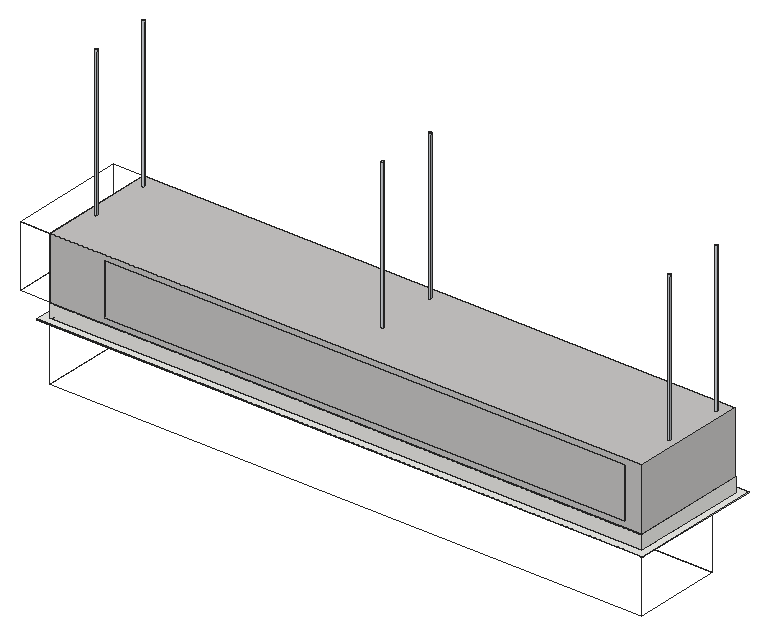
Revit family "AIRTECNICS_AIR CURTAIN_RECESSED OPTIMA_AIR ONLY (A)", category Mechanical Equipment, Revit 2016
Family settings
  Part Type = Normal
  Round Connector Dimension = Use Diameter
  OmniClass Number = 23.75.70.21.17
  OmniClass Title = Air Curtains
  Work Plane-Based = No
  Always vertical = Yes
  Cut with Voids When Loaded = No
  Shared = No
  Room Calculation Point = No
Parameters (values of type "RO 2000 A")
  · POSITION · [instance] = "-/ Select Curtain Position /-"  # constant formula
  · OTHERS · [instance] = "-/ Select Supports - Inst.Maint. Space /-"  # constant formula
  · HEATING · [instance] = "-/ Select Heating /-"  # constant formula
  Weight [instance] = size_lookup(Name_Lookup_Data, "Weight", 1.00 kg, COD)  # 44.50 kg
  Wall Supports (Horizontal) [instance] = no
  Voltage [instance] = 230 V  # constant formula
  URL_Manufacturer = "https://www.airtecnics.com/"
  URL_Datasheet = "https://www.airtecnics.com/download/file/1945/recessed-optima.pdf"
  Supports Length [instance] = 500.0 mm
  Supports (Horizontal) [instance] = yes
  Revit Version = "Revit 2016 - English"  # constant formula
  Review Date = "11/2018"  # constant formula
  Remote Control = "IR-AIR"  # constant formula
  URL = "https://www.airtecnics.com/products/air-curtain-recessed-optima"
  Product Size = if(L = 1000.0 mm, "1000", if(L = 1500.0 mm, "1500", "2000"))  # "2000"
  Product Reference [instance] = size_lookup(Name_Lookup_Ref, "", "Consult Manufacturer", COD)  # "RO 2000 A"
  Product Heating [instance] = "Air"  # constant formula
  Product Description [instance] = size_lookup(Name_Lookup_Data, "", "-", COD)  # "Self-supporting casing construction made of galvanized steel plate, ready to be installed recessed in a false ceiling. \r\nInlet grille (free of maintenance) made with aluminium profiles and blow-out nozzle, integrated in a single white frame colour RAL 9016. Other colours are available on request. \r\nAnodized aluminium outlet vanes, airfoil shaped.\r\nLow noise twisted cross-flow fans driven by a 2-speed external rotor motor.\r\n“A” type without heating, air only. \r\nIncludes Plug&Play control with 7m RJ45 cable and infrared remote control. Optional: Clever control (programmable, automatic, intelligent, energy saving, Modbus RTU for BMS…)\r\nAir Volume: 3200 m3/h \r\nFans:  0,16 kW  0,82 A 230Vx1 50Hz\r\nDimensions: 446x259x2050 mm (depth, height, length)"
  Power Fans Factor [instance] = (Power Fans) / (Voltage * Current Fans)  # 0.84836
  Power Fans [instance] = size_lookup(Name_Lookup_Data, "Power Fans", 1 kW, COD)  # 0.16 kW
  Noise Level (dB(A)) [instance] = size_lookup(Name_Lookup_Data, "Noise Level (dB(A))", 1, COD)  # 53
  Name_Lookup_Ref = "RO_(A)_Ref_Lookup"  # constant formula
  Name_Lookup_Data = "RO_(A)_Data_Lookup"  # constant formula
  Model = "Air Curtain RECESSED OPTIMA A"  # constant formula
  Material Grille = AIRTECNICS_Perforated_Recessed Optima_Galvanized Steel
  Material Curtain [instance] = AIRTECNICS_White RAL 9016
  Length = L + 50.0 mm + Depth - Depth  # 2050.0 mm
  Height = 259.0 mm  # constant formula
  Frequency = 50 Hz  # constant formula
  Fans Stage = 2  # constant formula
  Family Version = "1.0"  # constant formula
  Depth = 445.0 mm  # constant formula
  Current Fans [instance] = size_lookup(Name_Lookup_Data, "Current Fans", 1 A, COD)  # 0.82 A
  Created by = "BIMETRICAL"  # constant formula
  Control [instance] = "CA-2AO-IR"  # constant formula
  Cable = "CB7"  # constant formula
  COD [instance] = if(L = 1000.0 mm, 1, 0) + if(L = 1500.0 mm, 2, 0) + if(L = 2000.0 mm, 4, 0)  # 4
  Aspiration/Maintenance Space [instance] = yes
  Apparent Load [instance] = size_lookup(Name_Lookup_Data, "Apparent Load", 1 VA, COD)  # 188 VA
  Airflow [instance] = size_lookup(Name_Lookup_Data, "Airflow", 1 m³/h, COD)  # 3200 m³/h
  L = 2000.0 mm
  Type Image = <None>
  IfcExportType = "CENTRIFUGALFORWARDCURVED"  # constant formula
  IfcExportAs = "IfcFanType"  # constant formula
  Horizontal [instance] = 1 = 1  # yes
  Manufacturer = "AIRTECNICS"  # constant formula
  Description = ""
  Type Comments = "Self-supporting casing construction made of galvanized steel plate, ready to be installed recessed in a false ceiling. \r\nInlet grille (free of maintenance) made with aluminium profiles and blow-out nozzle, integrated in a single white frame colour RAL 9016. Other colours are available on request. \r\nAnodized aluminium outlet vanes, airfoil shaped.\r\nLow noise twisted cross-flow fans driven by a 2-speed external rotor motor.\r\n“P” type with water heated coil. “E” type with electrical shielded elements, two stages with integrated regulation. “A” type without heating, air only. \r\nIncludes Plug&Play control with 7m RJ45 cable and infrared remote control. Optional: Clever control (programmable, automatic, intelligent, energy saving, Modbus RTU for BMS…)\r\n"  # constant formula
  BIMETRICAL Category = "Fan"  # constant formula
  BIMETRICAL = "http://www.bimetrical.com"  # constant formula
  A [instance] = 1 = 1  # yes
Types (3, lengths in mm): name | Weight | Product Size | Product Reference | Product Description | Power Fans Factor | Power Fans | Noise Level (dB(A)) | Length | Current Fans | COD | Apparent Load | Airflow | L
  RO 2000 A | 44.50 kg | "2000" | "RO 2000 A" | "Self-supporting casing construction made of galvanized steel plate, ready to be installed recessed in a false ceiling. \r\nInlet grille (free of maintenance) made with aluminium profiles and blow-out nozzle, integrated in a single white frame colour RAL 9016. Other colours are available on request. \r\nAnodized aluminium outlet vanes, airfoil shaped.\r\nLow noise twisted cross-flow fans driven by a 2-speed external rotor motor.\r\n“A” type without heating, air only. \r\nIncludes Plug&Play control with 7m RJ45 cable and infrared remote control. Optional: Clever control (programmable, automatic, intelligent, energy saving, Modbus RTU for BMS…)\r\nAir Volume: 3200 m3/h \r\nFans:  0,16 kW  0,82 A 230Vx1 50Hz\r\nDimensions: 446x259x2050 mm (depth, height, length)" | 0.84836 | 0.16 kW | 53 | 2050.0 | 0.82 A | 4 | 188 VA | 3200 m³/h | 2000.0
  RO 1500 A | 34.00 kg | "1500" | "RO 1500 A" | "Self-supporting casing construction made of galvanized steel plate, ready to be installed recessed in a false ceiling. \r\nInlet grille (free of maintenance) made with aluminium profiles and blow-out nozzle, integrated in a single white frame colour RAL 9016. Other colours are available on request. \r\nAnodized aluminium outlet vanes, airfoil shaped.\r\nLow noise twisted cross-flow fans driven by a 2-speed external rotor motor.\r\n“A” type without heating, air only. \r\nIncludes Plug&Play control with 7m RJ45 cable and infrared remote control. Optional: Clever control (programmable, automatic, intelligent, energy saving, Modbus RTU for BMS…)\r\nAir Volume: 2200 m3/h \r\nFans:  0,117 kW  0,53 A 230Vx1 50Hz\r\nDimensions: 446x259x1550 mm (depth, height, length)" | 0.9598 | 0.117 kW | 51 | 1550.0 | 0.53 A | 2 | 122 VA | 2200 m³/h | 1500.0
  RO 1000 A | 24.00 kg | "1000" | "RO 1000 A" | "Self-supporting casing construction made of galvanized steel plate, ready to be installed recessed in a false ceiling. \r\nInlet grille (free of maintenance) made with aluminium profiles and blow-out nozzle, integrated in a single white frame colour RAL 9016. Other colours are available on request. \r\nAnodized aluminium outlet vanes, airfoil shaped.\r\nLow noise twisted cross-flow fans driven by a 2-speed external rotor motor.\r\n“A” type without heating, air only. \r\nIncludes Plug&Play control with 7m RJ45 cable and infrared remote control. Optional: Clever control (programmable, automatic, intelligent, energy saving, Modbus RTU for BMS…)\r\nAir Volume: 1700 m3/h \r\nFans:  0,08 kW  0,41 A 230Vx1 50Hz\r\nDimensions: 446x259x1050 mm (depth, height, length)" | 0.84836 | 0.08 kW | 50 | 1050.0 | 0.41 A | 1 | 95 VA | 1700 m³/h | 1000.0
Reference planes
  plane 1 "Centro (Frontal/Posterior)": z = 0
  plane 2: y = 246.57
  plane 3 "Centro (Izquierda/Derecha)": x = 0
Dimensions and locks
  equal spacing: nested 1, plane 2, nested 1
Nested families
  nested 1: "GEOM_RECESSED OPTIMA_(A-E-P)" at (0, 246.57, -2), type "GEOM_RECESSED OPTIMA_(A-E-P)"
    with AMP no, VSUP2 yes, Number of Blades 9, L1 2050.0 mm, L 2000.0 mm, E no, C 238.88 mm, A1 1938.0 mm, A-P yes, A 197.8 mm
Connectors
  electrical at (-1000, 130.94, 115.65), driven by "Voltage", driven by "Apparent Load", driven by "Power Fans Factor"
    settings: on nested 1, index 1, voltage 230 V, apparent load 188 VA, apparent load phase1 0 VA, apparent load phase2 0 VA, apparent load phase3 0 VA, power factor 0.84836, load classification "HVAC", number of poles 1, system type 30, power factor state 1, is connector primary yes, connector utility no, sub classification motor no, connector description ""
Definition of nested family "GEOM_RECESSED OPTIMA_(A-E-P)"
  Parameters (values of type "GEOM_RECESSED OPTIMA_(A-E-P)")
    Wall Supports (Horizontal) = no
    VSUP2 = if(and(Supports Length > 0.0 mm, L = 2000.0 mm, [Supports (Horizontal)]), 1 = 1, 1 = 0)  # no
    VSUP1 = if(and(Supports Length > 0.0 mm, [Supports (Horizontal)]), 1 = 1, 1 = 0)  # yes
    Supports Length = 500.0 mm
    Supports (Horizontal) = yes
    Revit Version = "Revit 2016 - English"  # constant formula
    Review Date = "10/2018"  # constant formula
    P2 = not(P1)  # no
    P1 = yes
    P = no
    Number of Blades = if(L = 1000.0 mm, 5, if(L = 1500.0 mm, 7, 9))  # 5
    Model = "RECESSED OPTIMA"  # constant formula
    Material Grille = none
    Material Curtain = none
    Manufacturer = "AIRTECNICS"  # constant formula
    L_sup = if(Supports Length = 0.0 mm, 1.0 mm, Supports Length)  # 500.0 mm
    L2 = if(P1, 85.0 mm, L1 - (120.0 mm))  # 85.0 mm
    L1 = L + 50.0 mm  # 1050.0 mm
    L = 1000.0 mm
    Family Version = "1.0"  # constant formula
    E = yes
    D_Con = 15 mm
    Created by = "BIMETRICAL"  # constant formula
    C = if(L = 1000.0 mm, 227.75 mm, if(L = 1500.0 mm, 235.1 mm, 238.88 mm))  # 227.75 mm
    BIMETRICAL = "http://www.bimetrical.com/"  # constant formula
    B1 = if(and([Wall Supports (Horizontal)], not([Supports (Horizontal)]), L = 2000.0 mm), 30.0 mm, 1.0 mm)  # 1.0 mm
    B = if([Supports (Horizontal)], 1.0 mm, if(not([Wall Supports (Horizontal)]), 1.0 mm, 30.0 mm))  # 1.0 mm
    Aspiration/Maintenance Space = yes
    AMP [instance] = if(and([Aspiration/Maintenance Space], P), 1 = 1, 1 = 0)  # no
    A1 = L - 62.0 mm  # 938.0 mm
    A-P = not(E)  # no
    A = (L - 22.0 mm) / (Number of Blades + 1)  # 163.0 mm
  Reference planes
    plane 1 "Centro (Frontal/Posterior)": y = 0
    plane 2: z = 0
    plane 3 "Centro (Izquierda/Derecha)": x = 0
    plane 4: x = -500
    plane 5: y = 222.5
    plane 6: x = 500
    plane 7: y = -222.5
    plane 8: y = 198
    plane 9: y = -198
    plane 10: x = -525
    plane 11: x = 525
    plane 12: z = 259
    plane 13: z = 50
    plane 14: z = 2
    plane 15: x = -501
    plane 16: x = 501
    plane 17: x = -469
    plane 18: x = 469
    plane 19: y = 157
    plane 20: y = -43
    plane 21: y = -43
    plane 22: y = 157
    plane 23: z = 90
    plane 24: z = 220
    plane 25: x = -469
    plane 26: x = 469
    plane 27: z = 220
    plane 28: z = 90
    plane 29: x = -455.5
    plane 30: x = -227.75
    plane 31: x = -440
    plane 32: y = -11
    plane 33: x = -405
    plane 34: y = -47
  Forms (mm)
    Extrusion 1, solid
      sketch origin (-1376.546, -1524, 259) x (-1, 0, 0) y (0, -1, 0)
        loop
          line (-876.546, -1721.5) -> (-876.546, -1326.5) -> (-1876.546, -1326.5) -> (-1876.546, -1721.5) -> (-876.546, -1721.5)
      from 0 to -209
    Sweep 2, solid, material <- "Material Curtain"
      path origin (-1376.546, -1524, 259) x (-1, 0, 0) y (0, -1, 0)
        loop
          line (-851.546, -1746.5) -> (-851.546, -1301.5) -> (-1901.546, -1301.5) -> (-1901.546, -1746.5) -> (-851.546, -1746.5)
      profile origin (-525, 0, 259) x (-1, 0, 0) y (0, 0, 1)
        loop
          line (0, -259) -> (0, -257) -> (-24, -257) -> (-24, -209) -> (-25, -209) -> (-25, -259) -> (0, -259)
    Extrusion 3, solid, visible <- "VSUP1"
      sketch origin (-1376.546, -1524, 259) x (-1, 0, 0) y (0, -1, 0)
        loop
          circle (-907.546, -1681) r 4
        loop
          circle (-907.546, -1481) r 4
        loop
          circle (-1845.546, -1681) r 4
        loop
          circle (-1845.546, -1481) r 4
      from 0 to 500
    Extrusion 4, solid, visible <- "VSUP2"
      sketch origin (-1376.546, -1524, 259) x (-1, 0, 0) y (0, -1, 0)
        loop
          circle (-1376.546, -1481) r 4
        loop
          circle (-1376.546, -1681) r 4
      from 0 to 500
    Extrusion 5, void
      sketch origin (-1802.24, 198, 1200) x (-1, 0, 0) y (0, 0, 1)
        loop
          circle (-1333.24, -980) r 4
        loop
          circle (-1333.24, -1110) r 4
        loop
          circle (-2271.24, -980) r 4
        loop
          circle (-2271.24, -1110) r 4
      from 23.5 to 24.5
    Extrusion 6, void
      sketch origin (-1802.24, 198, 1200) x (-1, 0, 0) y (0, 0, 1)
        loop
          circle (-1802.24, -980) r 4
        loop
          circle (-1802.24, -1110) r 4
      from 23.5 to 24.5
    Extrusion 7, solid, material <- "Material Curtain"
      sketch origin (0, 0, 0) x (0, 1, 0) y (0, 0, 1)
        loop
          line (117.506, 0.003) -> (120.506, 0.003) -> (120.506, 25.003) -> (117.506, 25.003) -> (117.506, 0.003)
        loop
          line (131.506, 0.003) -> (134.506, 0.003) -> (134.506, 25.003) -> (131.506, 25.003) -> (131.506, 0.003)
        loop
          line (145.506, 0.003) -> (148.506, 0.003) -> (148.506, 25.003) -> (145.506, 25.003) -> (145.506, 0.003)
        loop
          line (159.506, 0.003) -> (162.506, 0.003) -> (162.506, 25.003) -> (159.506, 25.003) -> (159.506, 0.003)
        loop
          line (173.501, 0.003) -> (176.501, 0.003) -> (176.501, 45.003) -> (173.501, 45.003) -> (173.501, 15.939) -> (173.501, 0.003)
        loop
          line (187.501, 0.003) -> (190.501, 0.003) -> (190.501, 25.003) -> (187.501, 25.003) -> (187.501, 0.003)
      from -500 to 500
    Extrusion 8, solid, material <- "Material Curtain"
      sketch origin (0, 0, 0) x (0, 1, 0) y (0, 0, 1)
        loop
          line (87.6, 2.798) -> (103.505, 15.003) -> (103.505, 25.003) -> (102.205, 25.003) -> (102.205, 15.644) -> (87.203, 4.132)
          arc (87.203, 4.132) -> (83.435, 1.976) -> (79.158, 1.238) r 12.5
          arc (79.158, 1.238) -> (78.507, 0.539) -> (79.256, -0.054) r 0.65
          arc (79.256, -0.054) -> (83.662, 0.688) -> (87.6, 2.798) r 13.8
        loop
          line (63.1, 2.798) -> (79.005, 15.003) -> (79.005, 25.003) -> (77.705, 25.003) -> (77.705, 15.644) -> (62.703, 4.132)
          arc (62.703, 4.132) -> (58.935, 1.976) -> (54.658, 1.238) r 12.5
          arc (54.658, 1.238) -> (54.007, 0.539) -> (54.756, -0.054) r 0.65
          arc (54.756, -0.054) -> (59.162, 0.688) -> (63.1, 2.798) r 13.8
        loop
          line (38.6, 2.798) -> (54.505, 15.003) -> (54.505, 25.003) -> (53.205, 25.003) -> (53.205, 15.644) -> (38.203, 4.132)
          arc (38.203, 4.132) -> (34.435, 1.976) -> (30.158, 1.238) r 12.5
          arc (30.158, 1.238) -> (29.507, 0.539) -> (30.256, -0.054) r 0.65
          arc (30.256, -0.054) -> (34.662, 0.688) -> (38.6, 2.798) r 13.8
        loop
          line (14.1, 2.798) -> (30.005, 15.003) -> (30.005, 25.003) -> (28.705, 25.003) -> (28.705, 15.644) -> (13.703, 4.132)
          arc (13.703, 4.132) -> (9.935, 1.976) -> (5.658, 1.238) r 12.5
          arc (5.658, 1.238) -> (5.007, 0.539) -> (5.756, -0.054) r 0.65
          arc (5.756, -0.054) -> (10.162, 0.688) -> (14.1, 2.798) r 13.8
        loop
          line (-10.4, 2.798) -> (5.505, 15.003) -> (5.505, 25.003) -> (4.205, 25.003) -> (4.205, 15.644) -> (-10.797, 4.132)
          arc (-10.797, 4.132) -> (-14.565, 1.976) -> (-18.842, 1.238) r 12.5
          arc (-18.842, 1.238) -> (-19.493, 0.539) -> (-18.744, -0.054) r 0.65
          arc (-18.744, -0.054) -> (-14.338, 0.688) -> (-10.4, 2.798) r 13.8
        loop
          line (-34.9, 2.798) -> (-18.995, 15.003) -> (-18.995, 25.003) -> (-20.295, 25.003) -> (-20.295, 15.644) -> (-35.297, 4.132)
          arc (-35.297, 4.132) -> (-39.065, 1.976) -> (-43.342, 1.238) r 12.5
          arc (-43.342, 1.238) -> (-43.993, 0.539) -> (-43.244, -0.054) r 0.65
          arc (-43.244, -0.054) -> (-38.838, 0.688) -> (-34.9, 2.798) r 13.8
        loop
          line (-59.4, 2.798) -> (-43.495, 15.003) -> (-43.495, 25.003) -> (-44.795, 25.003) -> (-44.795, 15.644) -> (-59.797, 4.132)
          arc (-59.797, 4.132) -> (-63.565, 1.976) -> (-67.842, 1.238) r 12.5
          arc (-67.842, 1.238) -> (-68.493, 0.539) -> (-67.744, -0.054) r 0.65
          arc (-67.744, -0.054) -> (-63.338, 0.688) -> (-59.4, 2.798) r 13.8
        loop
          line (-83.9, 2.798) -> (-67.995, 15.003) -> (-67.995, 25.003) -> (-69.295, 25.003) -> (-69.295, 15.644) -> (-84.297, 4.132)
          arc (-84.297, 4.132) -> (-88.065, 1.976) -> (-92.342, 1.238) r 12.5
          arc (-92.342, 1.238) -> (-92.993, 0.539) -> (-92.244, -0.054) r 0.65
          arc (-92.244, -0.054) -> (-87.838, 0.688) -> (-83.9, 2.798) r 13.8
        loop
          line (-108.4, 2.798) -> (-92.495, 15.003) -> (-92.495, 25.003) -> (-93.795, 25.003) -> (-93.795, 15.644) -> (-108.797, 4.132)
          arc (-108.797, 4.132) -> (-112.565, 1.976) -> (-116.842, 1.238) r 12.5
          arc (-116.842, 1.238) -> (-117.493, 0.539) -> (-116.744, -0.054) r 0.65
          arc (-116.744, -0.054) -> (-112.338, 0.688) -> (-108.4, 2.798) r 13.8
        loop
          line (-132.9, 2.798) -> (-116.995, 15.003) -> (-116.995, 25.003) -> (-118.295, 25.003) -> (-118.295, 15.644) -> (-133.297, 4.132)
          arc (-133.297, 4.132) -> (-137.065, 1.976) -> (-141.342, 1.238) r 12.5
          arc (-141.342, 1.238) -> (-141.993, 0.539) -> (-141.244, -0.054) r 0.65
          arc (-141.244, -0.054) -> (-136.838, 0.688) -> (-132.9, 2.798) r 13.8
        loop
          line (-157.4, 2.798) -> (-141.495, 15.003) -> (-141.495, 25.003) -> (-142.795, 25.003) -> (-142.795, 15.644) -> (-157.797, 4.132)
          arc (-157.797, 4.132) -> (-161.565, 1.976) -> (-165.842, 1.238) r 12.5
          arc (-165.842, 1.238) -> (-166.493, 0.539) -> (-165.744, -0.054) r 0.65
          arc (-165.744, -0.054) -> (-161.338, 0.688) -> (-157.4, 2.798) r 13.8
        loop
          line (-181.9, 2.798) -> (-165.995, 15.003) -> (-165.995, 25.003) -> (-167.295, 25.003) -> (-167.295, 15.644) -> (-182.297, 4.132)
          arc (-182.297, 4.132) -> (-186.065, 1.976) -> (-190.342, 1.238) r 12.5
          arc (-190.342, 1.238) -> (-190.993, 0.539) -> (-190.244, -0.054) r 0.65
          arc (-190.244, -0.054) -> (-185.838, 0.688) -> (-181.9, 2.798) r 13.8
      from -500 to 500
    Extrusion 9, solid
      sketch origin (0, 0, 0) x (0, 1, 0) y (0, 0, 1)
        loop
          line (106.505, 50) -> (103.505, 50) -> (103.505, 0) -> (106.505, 0) -> (106.505, 50)
      from -500 to 500
    Extrusion 10, solid
      sketch origin (-4, 0, -5.538) x (1, 0, 0) y (0, 1, 0)
        loop
          line (-455.5, 196.005) -> (-455.5, 106.505) -> (-447.5, 106.505) -> (-447.5, 196.005) -> (-455.5, 196.005)
      from 20.94 to 28.94
    Extrusion 11, solid
      sketch origin (223.75, 0, -5.538) x (1, 0, 0) y (0, 1, 0)
        loop
          line (-455.5, 196.005) -> (-455.5, 106.505) -> (-447.5, 106.505) -> (-447.5, 196.005) -> (-455.5, 196.005)
      from 20.94 to 28.94
    Extrusion 12, solid
      sketch origin (451.5, 0, -5.538) x (1, 0, 0) y (0, 1, 0)
        loop
          line (-455.5, 196.005) -> (-455.5, 106.505) -> (-447.5, 106.505) -> (-447.5, 196.005) -> (-455.5, 196.005)
      from 20.94 to 28.94
    Extrusion 13, solid
      sketch origin (679.25, 0, -5.538) x (1, 0, 0) y (0, 1, 0)
        loop
          line (-455.5, 196.005) -> (-455.5, 106.505) -> (-447.5, 106.505) -> (-447.5, 196.005) -> (-455.5, 196.005)
      from 20.94 to 28.94
    Extrusion 14, solid
      sketch origin (907, 0, -5.538) x (1, 0, 0) y (0, 1, 0)
        loop
          line (-455.5, 196.005) -> (-455.5, 106.505) -> (-447.5, 106.505) -> (-447.5, 196.005) -> (-455.5, 196.005)
      from 20.94 to 28.94
    Extrusion 15, void
      sketch origin (-1802.24, -198, 1200) x (-1, 0, 0) y (0, 0, -1)
        loop
          line (-1486.22, 960.7) -> (-1486.22, 1130.7) -> (-2244.49, 1130.7) -> (-2244.49, 960.7) -> (-1486.22, 960.7)
      from 0 to -10
    Extrusion 16, solid, material <- "Material Grille"
      sketch origin (-1802.24, -198, 1200) x (-1, 0, 0) y (0, 0, -1)
        loop
          line (-1486.22, 1130.7) -> (-2244.49, 1130.7) -> (-2244.49, 960.7) -> (-1486.22, 960.7) -> (-1486.22, 1130.7)
      from 0 to -10
    Extrusion 17, solid, visible <- "E"
      sketch origin (-500, 490.93, 1200) x (0, 1, 0) y (0, 0, 1)
        loop
          line (-580.68, -948.75) -> (-665.68, -948.75) -> (-665.68, -1006.75) -> (-580.68, -1006.75) -> (-580.68, -948.75)
      from 0 to -20
    Extrusion 18, solid, visible <- "P"
      sketch origin (-1376.546, -1524, 259) x (-1, 0, 0) y (0, -1, 0)
        loop
          circle (-971.546, -1477) r 7.5
        loop
          circle (-936.546, -1513) r 7.5
      from 0 to 15
    Extrusion 19, solid, visible <- "Aspiration/Maintenance Space"
      sketch origin (0, 0, 0) x (0, 1, 0) y (0, 0, 1)
        loop
          line (103.505, 0) -> (-198.495, 0) -> (-198.495, -200) -> (103.505, -200) -> (103.505, 0)
      from -500 to 500
    Extrusion 20, solid, visible <- "A-P"
      sketch origin (500, 490.93, 1200) x (0, 1, 0) y (0, 0, -1)
        loop
          line (-585.06, 1037.1) -> (-585.06, 1127.6) -> (-628.06, 1127.6) -> (-628.06, 1037.1) -> (-585.06, 1037.1)
      from 1020 to 1000
    Extrusion 21, solid, visible <- "Aspiration/Maintenance Space"
      sketch origin (0, 0, 0) x (-1, 0, 0) y (0, -1, 0)
        loop
          line (500, -198.5) -> (601, -198.5) -> (601, 198.5) -> (500, 198.5) -> (500, -198.5)
      from 50 to 259
    Extrusion 22, solid, visible <- "AMP"
      sketch origin (0, 0, 0) x (1, 0, 0) y (0, 0, 1)
        loop
          line (-500, 259) -> (500, 259) -> (500, 359) -> (-500, 359) -> (-500, 259)
      from -198 to 198
  Cuts and joins
    Extrusion 5, Extrusion 6, Extrusion 15 cuts Extrusion 1
  Lines and regions (mm)
    symbolic lines
      curve 1: line (-525, 222.5, 0) -> (525, 222.5, 0)
      curve 2: line (-525, -222.5, 0) -> (-525, 222.5, 0)
      curve 3: line (525, -222.5, 0) -> (-525, -222.5, 0)
      curve 4: line (525, 222.5, 0) -> (525, -222.5, 0)
      curve 5: line (-500, 197.5, 0) -> (500, 197.5, 0)
      curve 6: line (-500, -197.5, 0) -> (-500, 197.5, 0)
      curve 7: line (500, -197.5, 0) -> (-500, -197.5, 0)
      curve 8: line (500, 197.5, 0) -> (500, -197.5, 0)
      curve 11: line (-500, 103.505, 0) -> (500, 103.505, 0)
    symbolic lines, visible <- "P"
      curve 9: circle (-440, -11, 0) r 7.5 normal (0, 0, 1)
      curve 10: circle (-405, -47, 0) r 7.5 normal (0, 0, 1)
    symbolic lines, visible <- "Aspiration/Maintenance Space"
      curve 12: line (500, 0, -0.062) -> (500, 0, -200)
      curve 13: line (500, 0, -200) -> (-500, 0, -200)
      curve 14: line (-500, 0, -200) -> (-500, 0, -0.062)
      curve 15: line (0, 197.5, 259) -> (0, 197.5, 359)
      curve 16: line (0, 197.5, 359) -> (0, -197.5, 359)
      curve 17: line (0, -197.5, 359) -> (0, -197.5, 259)
      curve 18: line (0, 103.505, 0) -> (0, 103.505, -200)
      curve 19: line (0, 103.505, -200) -> (0, -198.495, -200)
      curve 20: line (0, -198.495, -200) -> (0, -198.495, 0)
      curve 21: line (-500, 0, 259) -> (-601, 0, 259)
      curve 22: line (-601, 0, 259) -> (-601, 0, 50)
      curve 23: line (-601, 0, 50) -> (-500, 0, 50)
      curve 27: line (-501, 198.5, 0) -> (-601, 198.5, 0)
      curve 28: line (-601, 198.5, 0) -> (-601, -198.5, 0)
      curve 29: line (-601, -198.5, 0) -> (-500, -198.5, 0)
    symbolic lines, visible <- "AMP"
      curve 24: line (-500, 0, 259) -> (-500, 0, 359)
      curve 25: line (-500, 0, 359) -> (500, 0, 359)
      curve 26: line (500, 0, 359) -> (500, 0, 259)
  Dimensions and locks
    equal spacing: plane 5, plane 1 "Centro (Frontal/Posterior)", plane 7
    equal spacing: plane 4, plane 3 "Centro (Izquierda/Derecha)", plane 6
    locked: plane 7 to plane 5 at 445
    "L": plane 4 to plane 6
    equal spacing: plane 10, plane 3 "Centro (Izquierda/Derecha)", plane 11
    "L1": plane 10 to plane 11
    equal spacing: plane 8, plane 1 "Centro (Frontal/Posterior)", plane 9
    plane 9 to plane 8 = 396.0 mm
    locked: plane 12 to level at 259
    locked: plane 13 to level at 50
    plane 14 to level = 2.0 mm
    locked: plane 4 to plane 15 at 1
    locked: plane 6 to plane 16 at 1
    equal spacing: plane 17, plane 3 "Centro (Izquierda/Derecha)", plane 18
    "A1": plane 17 to plane 18
    "L_sup": Extrusion 3 to plane 12
    "L_sup": Extrusion 4 to plane 12
    plane 23 to level = 90.0 mm
    plane 24 to plane 23 = 130.0 mm
    plane 12 to plane 24 = 39.0 mm
    equal spacing: plane 26, plane 3 "Centro (Izquierda/Derecha)", plane 25
    "A1": plane 26 to plane 25
    "B": plane 5 to Extrusion 5
    "B1": plane 5 to Extrusion 6
    plane 10 to cut or joined group of Extrusion 1, Extrusion 5, Extrusion 6, Extrusion 15 = 25.0 mm
    equal spacing: group 1, group 2, group 3, group 4, group 5  (x3)
    "C": plane 29 to plane 30
    locked: plane 10 to plane 29 at 69.5
    locked: Extrusion 10 sketch curve to Extrusion 10 sketch curve at 89.5
    locked: Extrusion 10 sketch curve to Extrusion 10 sketch curve at 8
    locked: Extrusion 11 sketch curve to Extrusion 11 sketch curve at 89.5
    locked: Extrusion 11 sketch curve to Extrusion 11 sketch curve at 8
    locked: Extrusion 12 sketch curve to Extrusion 12 sketch curve at 89.5
    locked: Extrusion 12 sketch curve to Extrusion 12 sketch curve at 8
    locked: Extrusion 13 sketch curve to Extrusion 13 sketch curve at 89.5
    locked: Extrusion 13 sketch curve to Extrusion 13 sketch curve at 8
    locked: Extrusion 14 sketch curve to Extrusion 14 sketch curve at 89.5
    locked: Extrusion 14 sketch curve to Extrusion 14 sketch curve at 8
    locked: Extrusion 10 to plane 29 at 4
    Extrusion 11 to plane 30 to Extrusion 11 = 4.0 mm locked, 4.0 mm locked
    locked: plane 12 to Extrusion 15 sketch curve at 19.7
    plane 12 to Extrusion 15 sketch curve = 189.7 mm
    locked: Extrusion 15 sketch curve to plane 4 at 183.98
    locked: Extrusion 15 sketch curve to plane 6 at 57.75
    "L2": plane 10 to plane 31
    locked: plane 31 to plane 33 at 35
    plane 7 to Extrusion 19 sketch curve to Extrusion 19 sketch curve = 24.005 mm, 302.0 mm locked
    locked: Extrusion 19 sketch curve to Extrusion 19 sketch curve at 200
    locked: Extrusion 17 sketch curve to Extrusion 17 sketch curve at 58
    locked: Extrusion 17 sketch curve to Extrusion 17 sketch curve at 85
    locked: Extrusion 17 sketch curve to plane 9 at 23.25
    locked: Extrusion 17 sketch curve to plane 13 at 143.25
    locked: Extrusion 20 sketch curve to Extrusion 20 sketch curve at 43
    locked: Extrusion 20 sketch curve to Extrusion 20 sketch curve at 90.5
    locked: Extrusion 20 sketch curve to plane 7 at 85.37
    locked: Extrusion 20 sketch curve to plane 13 at 22.4
    locked: plane 8 to plane 19 at 41
    locked: plane 20 to plane 19 at 200
    locked: plane 8 to plane 22 at 41
    locked: plane 22 to plane 21 at 200
    locked: plane 8 to plane 32 at 209
    locked: plane 8 to plane 34 at 245
    plane 4 to plane 31 = 60.0 mm
    Extrusion 22 sketch curve to Extrusion 21 = 100.0 mm
    "D_Con": diameter of Extrusion 18 sketch curve  (x2)
    aligned and locked: level to plane 2
    aligned and locked: plane 4 to Extrusion 1 sketch curve
    aligned and locked: plane 6 to Extrusion 1 sketch curve
    aligned and locked: Extrusion 1 to plane 13
    aligned and locked: plane 10 to Sweep 2 sketch curve
    aligned and locked: plane 11 to Sweep 2 sketch curve
    aligned and locked: Sweep 2 sketch curve to plane 10
    aligned and locked: plane 14 to Sweep 2 sketch curve
    aligned and locked: Sweep 2 sketch curve to level
    aligned and locked: plane 4 to Sweep 2 sketch curve
    aligned and locked: plane 13 to Sweep 2 sketch curve
    aligned and locked: plane 17 to Extrusion 3 sketch curve  (x2)
    aligned and locked: plane 18 to Extrusion 3 sketch curve  (x2)
    aligned and locked: plane 3 "Centro (Izquierda/Derecha)" to Extrusion 4 sketch curve  (x2)
    aligned and locked: plane 26 to Extrusion 5 sketch curve  (x2)
    aligned and locked: plane 25 to Extrusion 5 sketch curve  (x2)
    aligned and locked: plane 5 to Extrusion 6
    aligned and locked: Extrusion 1 sketch curve to Sweep 2  (x2)
    aligned and locked: Extrusion 7 to plane 4
    aligned and locked: Extrusion 7 to plane 6
    aligned and locked: Extrusion 8 to plane 6
    aligned and locked: Extrusion 8 to plane 4
    aligned and locked: Extrusion 9 to plane 6
    aligned and locked: Extrusion 9 to plane 4
    aligned and locked: Extrusion 16 sketch curve to cut or joined group of Extrusion 1, Extrusion 5, Extrusion 6, Extrusion 15  (x4)
    aligned and locked: plane 31 to Extrusion 18 sketch curve
    aligned and locked: Extrusion 18 sketch curve to plane 32
    aligned and locked: plane 33 to Extrusion 18 sketch curve
    aligned and locked: Extrusion 18 sketch curve to plane 34
    aligned and locked: Extrusion 19 to plane 6
    aligned and locked: Extrusion 19 to plane 4
    aligned and locked: curve 1 to Sweep 2
    aligned and locked: curve 2 to Sweep 2
    aligned and locked: curve 3 to Sweep 2
    aligned and locked: curve 4 to Sweep 2
    aligned and locked: curve 5 to Sweep 2
    aligned and locked: curve 6 to Sweep 2
    aligned and locked: curve 7 to Sweep 2
    aligned and locked: curve 8 to Sweep 2
    aligned and locked: curve 9 to Extrusion 18
    aligned and locked: curve 10 to Extrusion 18
    aligned and locked: curve 11 to Extrusion 8
    aligned and locked: plane 4 to Extrusion 20
    aligned and locked: Extrusion 17 to Extrusion 20
    aligned and locked: Extrusion 22 sketch curve to cut or joined group of Extrusion 1, Extrusion 5, Extrusion 6, Extrusion 15
    aligned and locked: Extrusion 22 sketch curve to plane 6
    aligned and locked: plane 8 to Extrusion 22
    aligned and locked: plane 9 to Extrusion 22
  Automatic sketch dimensions
    curve 22 to plane 13 = 0.0 mm
    curve 22 to plane 12 = 0.0 mm
    curve 14 to plane 4 = 0.0 mm
    curve 21 to plane 4 = 0.0 mm
    curve 23 to plane 4 = 0.0 mm
    plane 6 to curve 13 = 0.0 mm
    plane 6 to curve 25 = 0.0 mm
    curve 26 to plane 12 = 0.0 mm
    curve 21 to plane 10 = 76.0 mm
    curve 14 to level = 200.0 mm
    plane 12 to curve 25 = 100.0 mm
    curve 12 to level = 0.062 mm
    curve 14 to level = 0.062 mm
    curve 27 to plane 15 = 0.0 mm
    curve 29 to plane 4 = 0.0 mm
    plane 8 to curve 27 = 0.5 mm
    curve 27 to plane 10 = 76.0 mm
    plane 9 to curve 28 = 0.5 mm
    Sweep 2 sketch curve to plane 5 = 0.0 mm
    plane 7 to Sweep 2 sketch curve = 0.0 mm
    Sweep 2 sketch curve to Sweep 2 sketch curve = 1.0 mm
    Extrusion 4 sketch curve to plane 22 = 0.0 mm
    Extrusion 4 sketch curve to plane 21 = 0.0 mm
    Extrusion 6 sketch curve to plane 3 "Centro (Izquierda/Derecha)" = 0.0 mm  (x2)
    Extrusion 6 sketch curve to plane 28 = 0.0 mm
    Extrusion 6 sketch curve to plane 27 = 0.0 mm
    level to Extrusion 7 sketch curve = 0.003 mm  (x6)
    Extrusion 7 sketch curve to plane 8 = 80.494 mm
    Extrusion 7 sketch curve to Extrusion 7 sketch curve = 3.0 mm  (x6)
    Extrusion 7 sketch curve to Extrusion 7 sketch curve = 11.0 mm  (x3)
    Extrusion 7 sketch curve to Extrusion 7 sketch curve = 10.995 mm
    Extrusion 7 sketch curve to plane 8 = 10.499 mm
    plane 14 to Extrusion 7 sketch curve = 13.939 mm
    plane 14 to Extrusion 7 sketch curve = 23.003 mm
    Extrusion 7 sketch curve to Extrusion 7 sketch curve = 0.0 mm  (x3)
    Extrusion 7 sketch curve to Extrusion 7 sketch curve = 9.063 mm
    Extrusion 7 sketch curve to plane 13 = 4.997 mm
    level to Extrusion 8 sketch curve = 0.588 mm  (x12)
    Extrusion 8 sketch curve to plane 9 = 7.655 mm
    Extrusion 8 sketch curve to plane 9 = 7.699 mm
    Extrusion 8 sketch curve to Extrusion 8 sketch curve = 0.006 mm  (x12)
    plane 14 to Extrusion 8 sketch curve = 2.132 mm  (x12)
    Extrusion 8 sketch curve to Extrusion 8 sketch curve = 8.048 mm  (x12)
    plane 14 to Extrusion 8 sketch curve = 0.798 mm  (x12)
    Extrusion 8 sketch curve to Extrusion 8 sketch curve = 0.397 mm  (x12)
    Extrusion 8 sketch curve to Extrusion 8 sketch curve = 23.001 mm
    Extrusion 8 sketch curve to Extrusion 8 sketch curve = 1.3 mm  (x12)
    Extrusion 8 sketch curve to Extrusion 8 sketch curve = 0.15 mm  (x10)
    Extrusion 8 sketch curve to Extrusion 8 sketch curve = 0.193 mm  (x11)
    plane 14 to Extrusion 8 sketch curve = 13.644 mm  (x4)
    Extrusion 8 sketch curve to Extrusion 8 sketch curve = 15.002 mm  (x7)
    Extrusion 8 sketch curve to Extrusion 8 sketch curve = 23.2 mm  (x2)
    plane 1 "Centro (Frontal/Posterior)" to Extrusion 8 sketch curve = 20.295 mm
    Extrusion 8 sketch curve to plane 1 "Centro (Frontal/Posterior)" = 4.205 mm
    Extrusion 8 sketch curve to plane 1 "Centro (Frontal/Posterior)" = 5.655 mm
    plane 14 to Extrusion 8 sketch curve = 13.003 mm  (x2)
    plane 14 to Extrusion 8 sketch curve = 11.738 mm  (x8)
    Extrusion 8 sketch curve to Extrusion 8 sketch curve = 1.906 mm  (x3)
    Extrusion 8 sketch curve to Extrusion 8 sketch curve = 1.264 mm
    Extrusion 8 sketch curve to Extrusion 8 sketch curve = 0.008 mm  (x12)
    Extrusion 8 sketch curve to Extrusion 8 sketch curve = 1.257 mm  (x10)
    Extrusion 8 sketch curve to Extrusion 8 sketch curve = 0.641 mm  (x8)
    Extrusion 8 sketch curve to Extrusion 8 sketch curve = 9.359 mm  (x12)
    Extrusion 8 sketch curve to Extrusion 8 sketch curve = 0.0 mm  (x12)
    Extrusion 9 sketch curve to plane 13 = 0.0 mm
    Extrusion 9 sketch curve to level = 0.0 mm
    Extrusion 9 sketch curve to plane 8 = 94.495 mm
    Extrusion 9 sketch curve to Extrusion 9 sketch curve = 3.0 mm
    Extrusion 19 sketch curve to level = 0.0 mm
    curve 20 to level = 0.0 mm
    curve 17 to plane 12 = 0.0 mm
    curve 18 to level = 0.0 mm
    curve 15 to plane 12 = 0.0 mm
    plane 9 to curve 20 = 0.495 mm
    curve 17 to plane 9 = 0.5 mm
    curve 18 to plane 8 = 94.495 mm
    curve 15 to plane 8 = 0.5 mm
    curve 18 to level = 200.0 mm
    curve 15 to curve 16 = 100.0 mm
    Extrusion 21 sketch curve to plane 4 = 0.0 mm
    plane 9 to Extrusion 21 sketch curve = 0.5 mm
    Extrusion 21 sketch curve to plane 10 = 76.0 mm
    plane 8 to Extrusion 21 sketch curve = 0.5 mm
    Extrusion 22 sketch curve to plane 12 = 0.0 mm
    Extrusion 3 sketch curve to plane 19 = 0.0 mm  (x2)
    plane 20 to Extrusion 3 sketch curve = 0.0 mm  (x2)
    Extrusion 5 sketch curve to plane 23 = 0.0 mm  (x2)
    Extrusion 5 sketch curve to plane 24 = 0.0 mm  (x2)
    radius of Extrusion 4 sketch curve = 4.0 mm  (x2)
    radius of Extrusion 6 sketch curve = 4.0 mm  (x2)
    radius of Extrusion 3 sketch curve = 4.0 mm  (x4)
    radius of Extrusion 5 sketch curve = 4.0 mm  (x4)
